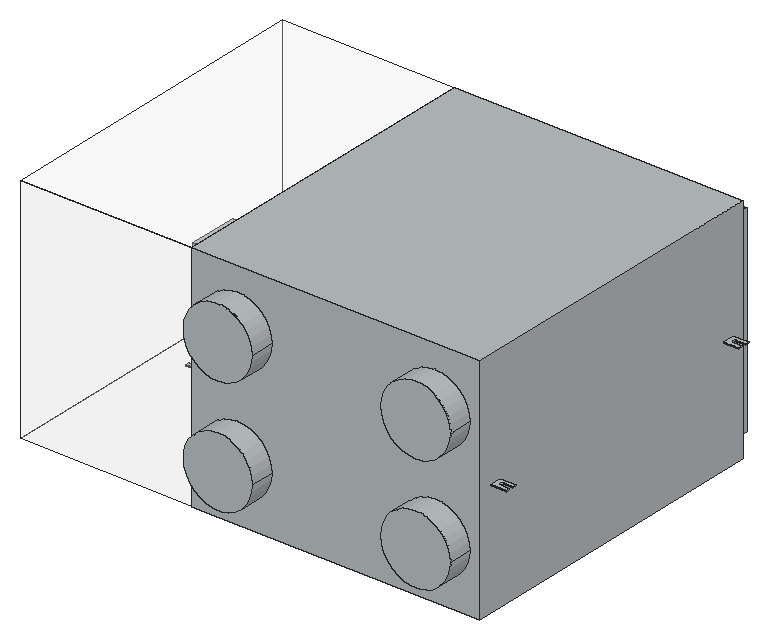
Revit family "lgh-n150_200rxvd_50Hz", category 機械設備, Revit 2019
Family settings
  丸型コネクタ寸法 = 直径を使用
  パーツ タイプ = 標準
  OmniClass 番号 = 23.75.10.34.21
  OmniClass タイトル = Heat Exchangers for Ventilation Air
  作業面ベース = いいえ
  常に垂直 = はい
  ロード時にボイドで切り取り = いいえ
  共有 = いいえ
  部屋計算ポイント = はい
Parameters (values of type "LGH-N150RXVD")
  騒音レベル(dB(A)) = 38.5
  風量 = SMAX風量  # 1500.0 m³/h
  面風速 = 8.5 m/s
  電源種別 [instance] = "一般"
  電圧 = 200 V
  電動機出力 = 0 W
  集中コントローラ = ""
  運転質量 = 0.00 kg
  連動 [instance] = ""
  質量 = if(製品質量 > 運転質量, 製品質量, 運転質量) * 1.2  # 127.20 kg
  負荷分類 = 10_ファンコイル類
  説明 = "業務用ロスナイ 天井埋込形 DCマイコン"
  設計風量 = SMAX風量  # 1500.0 m³/h
  設置方法 = "天井吊(隠ぺい)形"
  記号 [instance] = ""
  製造元 = "MITSIBISHI ELECTRIC"
  製品質量 = 106.00 kg
  製品出荷対象 = "国内"
  製品リリース年月 = "2020/7/20"
  製品グループ = ""
  系統 [instance] = ""
  符号 = "HEU"
  積算_科目 = "1 空気調和設備"
  積算_拾い区分 [instance] = ""
  相 = 1
  盤記号 [instance] = ""
  発停方法 [instance] = "別売スイッチ"
  特殊仕様 [instance] = ""
  点検口高さ = -Height  # -808 mm
  点検口離隔 = 150 mm
  点検口_Depth = 450 mm
  点検口 = yes
  火災停止 [instance] = "〇"
  温度交換効率 = 74.00%
  消費電力 = 900 W
  法定耐用年数 = "15"
  機外静圧_排気 = SMAX静圧  # 275.0 Pa
  機外静圧 = SMAX静圧  # 275.0 Pa
  極数 = 1
  材質 [instance] = ""
  本体マテリアル = 亜鉛めっき鋼板
  操作・制御方式 = ""
  操作・制御スイッチ = ""
  排気量 = SMAX風量  # 1500.0 m³/h
  形式 = "天井埋込ダクト形"
  幹線記号 [instance] = ""
  対象室 [instance] = ""
  実風量 = SMAX風量  # 1500.0 m³/h
  始動方式 [instance] = "直入"
  天吊金具_径 = 7.5 mm
  天吊金具_幅 = 30 mm
  外気量 = SMAX風量  # 1500.0 m³/h
  呼称 = "全熱交換ユニット"
  周波数 = 50 Hz
  天吊金具ピッチ2 = 1015 mm
  天吊金具ピッチ1 = 1057 mm
  天吊金具_高さ = 404 mm
  参照している仕様書等のバージョン = "公共建築物標準仕様書（機械設備工事編）平成31年度版"
  初期抵抗 = 0.0 Pa
  分類コード = "50052504100070"
  分類グループ = ""
  価格 = 990000
  企業コード = "108420"
  付属品_フィルター_還気 = ""
  付属品_フィルター = ""
  付属品 [instance] = ""
  仕様書バージョン = "Version1.0"
  モデル = "LGH-N150RXVD"
  メンテナンススペース = yes
  コメント [instance] = ""
  Keynote = ""
  エンタルピ交換効率_暖房 = 76.00%
  エンタルピ交換効率_冷房 = 66.00%
  Assembly Code = ""
  Width = 1004 mm
  Version = ""
  Uniclass2015Version = "Systems v1.9"
  Uniclass2015Title = "Thermal wheels"
  Uniclass2015Code = "Pr_60_60_36_88"
  URL = "https://www.mitsubishielectric.co.jp/ldg/wink/ssl/displayProduct.do?pid=306591&ccd=2020171025"
  SpecificationReference = ""
  SpecificationDescription = ""
  SMAX風量 = 1500.0 m³/h
  SMAX静圧 = 275.0 Pa
  SAサイズ_D = 242 mm
  Revision = ""
  RAサイズ_D = 242 mm
  ProductInformation = ""
  OmniClassCode = "23-27 23 19 11"
  OAサイズ_W = 270 mm
  OAサイズ_D = 700 mm
  MIN風量 = 660.0 m³/h
  MIN静圧 = 47.0 Pa
  MID風量 = 1080.0 m³/h
  MID静圧 = 127.0 Pa
  MAX風量 = 1500.0 m³/h
  MAX静圧 = 245.0 Pa
  IfcTypeProduct = ""
  IfcProduct = ""
  IfcExportType = "ROTARYWHEEL"
  IfcExportAs = "IfcAirToAirHeatRecoveryType"
  Height = 808 mm
  EAサイズ_W = 270 mm
  EAサイズ_D = 700 mm
  Duct_Pitch = 690 mm
  Duct_Height = 202 mm
  Duct_Depth_SA_RA = 84 mm
  Duct_Depth_OA_EA = 49 mm
  Depth = 1144 mm
  Clearance Top = Height  # 808 mm
  Clearance Left = 600 mm
  Box_Width = 175 mm
  Box_Height = 669 mm
  Box_H = 88 mm
  Box_Depth = 115 mm
  Box_W = 145 mm
  Author = "MITSUBISHI ELECTRIC"
Types (2, lengths in mm): name | 騒音レベル(dB(A)) | 風量 | 面風速 | 質量 | 設計風量 | 製品質量 | 温度交換効率 | 消費電力 | 機外静圧_排気 | 機外静圧 | 極数 | 排気量 | 実風量 | 外気量 | 天吊金具ピッチ1 | 価格 | モデル | エンタルピ交換効率_暖房 | エンタルピ交換効率_冷房 | Width | URL | SMAX風量 | SMAX静圧 | MIN風量 | MIN静圧 | MID風量 | MID静圧 | MAX風量 | MAX静圧 | Duct_Pitch
  LGH-N150RXVD | 38.5 | 1500.0 m³/h | 8.5 m/s | 127.20 kg | 1500.0 m³/h | 106.00 kg | 74.00% | 900 W | 275.0 Pa | 275.0 Pa | 1 | 1500.0 m³/h | 1500.0 m³/h | 1500.0 m³/h | 1057 | 990000 | "LGH-N150RXVD" | 76.00% | 66.00% | 1004 | "https://www.mitsubishielectric.co.jp/ldg/wink/ssl/displayProduct.do?pid=306591&ccd=2020171025" | 1500.0 m³/h | 275.0 Pa | 660.0 m³/h | 47.0 Pa | 1080.0 m³/h | 127.0 Pa | 1500.0 m³/h | 245.0 Pa | 690
  LGH-N200RXVD | 41 | 2000.0 m³/h | 11.3 m/s | 139.20 kg | 2000.0 m³/h | 116.00 kg | 73.00% | 1160 W | 225.0 Pa | 225.0 Pa | 2 | 2000.0 m³/h | 2000.0 m³/h | 2000.0 m³/h | 1284 | 1128000 | "LGH-N200RXVD" | 75.00% | 65.00% | 1231 | "https://www.mitsubishielectric.co.jp/ldg/wink/ssl/displayProduct.do?pid=306593&ccd=2020171025" | 2000.0 m³/h | 225.0 Pa | 880.0 m³/h | 32.0 Pa | 1440.0 m³/h | 86.0 Pa | 2000.0 m³/h | 165.0 Pa | 917
Reference planes
  plane 1 "中心(正面/背面)": y = 0
  plane 2: z = 0
  plane 3 "中心(左/右)": x = 0
  plane 4: x = -502
  plane 5: x = 502
  plane 6: y = 572
  plane 7: y = -572
  plane 8: z = -808
  plane 9: z = -202
  plane 10: x = -345
  plane 11: x = 345
  plane 12: y = -656
  plane 13: y = 621
  plane 14: x = -586
  plane 15: x = 586
  plane 16: x = -1102
  plane 17: y = -427
  plane 18: y = -252
  plane 19: z = -88
  plane 20: z = -757
  plane 21: x = -617
  plane 22: x = -652
  plane 23: y = 225
  plane 24: x = -528.5
  plane 25: x = 528.5
  plane 26: y = 507.5
  plane 27: y = -507.5
  plane 28: y = -225
  plane 29: x = -558.5
  plane 30: y = 527.5
  plane 31: y = 487.5
  plane 32: y = -487.5
  plane 33: y = -527.5
  plane 34: z = -5
  plane 35: z = -404
  plane 36: z = -407
  plane 37: x = 558.5
  plane 38: z = -404
  plane 39: x = 480
  plane 40: x = 210
  plane 41: x = -480
  plane 42: x = -210
  plane 43: z = -54
  plane 44: z = -754
  plane 45: z = -54
  plane 46: z = -754
  plane 47: z = -606
Forms (mm)
  Extrusion 1, solid, material "亜鉛めっき鋼板" <- "本体マテリアル", detail levels fine
    sketch origin (0, 0, 0) x (1, 0, 0) y (0, 1, 0)
      loop
        line (-502, 572) -> (-502, -572) -> (502, -572) -> (502, 572) -> (-502, 572)
    from 0 to -808
  Extrusion 2, solid, material "亜鉛めっき鋼板" <- "本体マテリアル", detail levels fine
    sketch origin (502, -572, 0) x (-1, 0, 0) y (0, 0, -1)
      loop
        circle (847, 202) r 121
    from 0 to 84
  Extrusion 3, solid, material "亜鉛めっき鋼板" <- "本体マテリアル", detail levels fine
    sketch origin (510, -445, 0) x (-1, 0, 0) y (0, 0, -1)
      loop
        circle (165, 202) r 121
    from 127 to 211
  Extrusion 4, solid, material "亜鉛めっき鋼板" <- "本体マテリアル", detail levels fine
    sketch origin (-502, -572, 0) x (0, 1, 0) y (0, 0, -1)
      loop
        line (320, 88) -> (320, 757) -> (145, 757) -> (145, 88) -> (320, 88)
    from 0 to 115
  Extrusion 5, solid, material "亜鉛めっき鋼板" <- "本体マテリアル", detail levels fine
    sketch origin (0, 0, 0) x (1, 0, 0) y (0, 1, 0)
      loop
        line (-558.5, 527.5) -> (-558.5, 515) -> (-528.5, 515)
        arc (-528.5, 515) -> (-521, 507.5) -> (-528.5, 500) r 7.5
        line (-528.5, 500) -> (-558.5, 500) -> (-558.5, 487.5) -> (-502, 487.5) -> (-502, 527.5) -> (-558.5, 527.5)
    from -404 to -407
  Extrusion 6, solid, material "亜鉛めっき鋼板" <- "本体マテリアル", detail levels fine
    sketch origin (0, 0, 0) x (1, 0, 0) y (0, 1, 0)
      loop
        line (-558.5, -527.5) -> (-502, -527.5) -> (-502, -487.5) -> (-558.5, -487.5) -> (-558.5, -500) -> (-528.5, -500)
        arc (-528.5, -500) -> (-521, -507.5) -> (-528.5, -515) r 7.5
        line (-528.5, -515) -> (-558.5, -515) -> (-558.5, -527.5)
    from -404 to -407
  Extrusion 7, solid, material "亜鉛めっき鋼板" <- "本体マテリアル", detail levels fine
    sketch origin (0, 0, 0) x (-1, 0, 0) y (0, -1, 0)
      loop
        line (-558.5, 527.5) -> (-558.5, 515) -> (-528.5, 515)
        arc (-528.5, 515) -> (-521, 507.5) -> (-528.5, 500) r 7.5
        line (-528.5, 500) -> (-558.5, 500) -> (-558.5, 487.5) -> (-502, 487.5) -> (-502, 527.5) -> (-558.5, 527.5)
    from -404 to -407
  Extrusion 8, solid, material "亜鉛めっき鋼板" <- "本体マテリアル", detail levels fine
    sketch origin (0, 0, 0) x (-1, 0, 0) y (0, -1, 0)
      loop
        line (-558.5, -527.5) -> (-502, -527.5) -> (-502, -487.5) -> (-558.5, -487.5) -> (-558.5, -500) -> (-528.5, -500)
        arc (-528.5, -500) -> (-521, -507.5) -> (-528.5, -515) r 7.5
        line (-528.5, -515) -> (-558.5, -515) -> (-558.5, -527.5)
    from -404 to -407
  Extrusion 9, solid, material "亜鉛めっき鋼板" <- "本体マテリアル", detail levels fine
    sketch origin (0, 0, 0) x (1, 0, 0) y (0, 0, 1)
      loop
        circle (-345, -606) r 121
    from 572 to 656
  Extrusion 10, solid, material "亜鉛めっき鋼板" <- "本体マテリアル", detail levels fine
    sketch origin (0, 0, 0) x (1, 0, 0) y (0, 0, 1)
      loop
        circle (345, -606) r 121
    from 572 to 656
  Extrusion 11, solid, material "亜鉛めっき鋼板" <- "本体マテリアル", detail levels fine
    sketch origin (0, 0, 0) x (1, 0, 0) y (0, 0, 1)
      loop
        line (480, -754) -> (480, -54) -> (210, -54) -> (210, -754) -> (480, -754)
    from -621 to -572
  Extrusion 12, solid, material "亜鉛めっき鋼板" <- "本体マテリアル", detail levels fine
    sketch origin (0, 0, 0) x (1, 0, 0) y (0, 0, 1)
      loop
        line (-480, -754) -> (-210, -754) -> (-210, -54) -> (-480, -54) -> (-480, -754)
    from -621 to -572
Lines and regions (mm)
  Masking region 1, detail levels coarse+medium
    outline origin (1326.5, 29, 0) x (1, 0, 0) y (0, 1, 0)
      loop
        line (-1828.5, 543) -> (-1828.5, -601) -> (-824.5, -601) -> (-824.5, 543) -> (-1828.5, 543)
  symbolic lines, detail levels coarse+medium
    curve 1: line (0, 572, 0) -> (-502, 0, 0)
    curve 2: line (-502, 0, 0) -> (0, -572, 0)
    curve 3: line (0, -572, 0) -> (502, 0, 0)
    curve 4: line (502, 0, 0) -> (0, 572, 0)
Dimensions and locks
  equal spacing: plane 4, plane 3 "中心(左/右)", plane 5
  "Width": plane 4 to plane 5
  equal spacing: plane 6, plane 1 "中心(正面/背面)", plane 7
  "Depth": plane 6 to plane 7
  "Height": level to plane 8
  "Duct_Height": level to plane 9
  equal spacing: plane 11, plane 3 "中心(左/右)", plane 10
  "Duct_Pitch": plane 11 to plane 10
  "Duct_Depth_OA_EA": plane 13 to plane 6
  "Duct_Depth_SA_RA": plane 7 to plane 12
  "Duct_Depth_SA_RA": plane 5 to plane 15
  "Duct_Depth_SA_RA": plane 14 to plane 4
  "Clearance Left": plane 16 to plane 4
  "Clearance Top": nested 1 to plane 8
  "Box_H": level to plane 19
  "Box_Height": plane 19 to plane 20
  "Box_W": plane 17 to plane 7
  "Box_Width": plane 18 to plane 17
  "Box_Depth": plane 21 to plane 4
  "点検口離隔": plane 22 to plane 4
  equal spacing: plane 24, plane 3 "中心(左/右)", plane 25
  "天吊金具ピッチ1": plane 24 to plane 25
  equal spacing: plane 26, plane 1 "中心(正面/背面)", plane 27
  "天吊金具ピッチ2": plane 26 to plane 27
  equal spacing: plane 23, plane 1 "中心(正面/背面)", plane 28
  "点検口_Depth": plane 23 to plane 28
  equal spacing: plane 30, plane 26, plane 31
  locked: plane 30 to plane 31 at 40
  "天吊金具_幅": plane 29 to plane 24
  "天吊金具_高さ": level to plane 35
  locked: plane 35 to plane 36 at 3
  equal spacing: plane 32, plane 27, plane 33
  locked: plane 32 to plane 33 at 40
  "天吊金具_幅": plane 25 to plane 37
  equal spacing: plane 8, plane 38, level
  equal spacing: plane 40, plane 11, plane 39
  "EAサイズ_W": plane 40 to plane 39
  equal spacing: plane 42, plane 10, plane 41
  "OAサイズ_W": plane 42 to plane 41
  equal spacing: plane 44, plane 38, plane 43
  "EAサイズ_D": plane 44 to plane 43
  "OAサイズ_D": plane 46 to plane 45
  equal spacing: plane 46, plane 38, plane 45
  "Duct_Height": plane 38 to plane 47
  "RAサイズ_D": diameter of Extrusion 3 sketch curve
  "天吊金具_径": radius of Extrusion 5 sketch curve
  "天吊金具_径": radius of Extrusion 6 sketch curve
  "天吊金具_径": radius of Extrusion 7 sketch curve
  "天吊金具_径": radius of Extrusion 8 sketch curve
  "SAサイズ_D": diameter of Extrusion 9 sketch curve
  "RAサイズ_D": diameter of Extrusion 10 sketch curve
  "SAサイズ_D": diameter of Extrusion 2 sketch curve
  aligned and locked: level to plane 2
  aligned and locked: Extrusion 1 to plane 8
  aligned and locked: Extrusion 2 to plane 12
  aligned and locked: plane 7 to Extrusion 2
  aligned and locked: plane 7 to Extrusion 3
  aligned and locked: Extrusion 3 to plane 12
  aligned and locked: plane 16 to nested 1
  aligned and locked: plane 4 to nested 1
  aligned and locked: nested 1 to plane 6
  aligned and locked: nested 1 to plane 7
  aligned and locked: plane 2 to nested 1
  aligned and locked: plane 8 to nested 1
  aligned and locked: Extrusion 4 to plane 21
  aligned and locked: plane 4 to Extrusion 4
  aligned and locked: Masking region 1 to plane 4
  aligned and locked: plane 5 to Masking region 1
  aligned and locked: plane 6 to Masking region 1
  aligned and locked: Masking region 1 to plane 7
  aligned and locked: plane 25 to nested 2
  aligned and locked: plane 24 to nested 2
  aligned and locked: nested 2 to plane 27
  aligned and locked: plane 26 to nested 2
  aligned and locked: Extrusion 4 to plane 18
  aligned and locked: Extrusion 4 to plane 20
  aligned and locked: plane 19 to Extrusion 4
  aligned and locked: Extrusion 4 to plane 17
  aligned and locked: plane 22 to nested 3
  aligned and locked: plane 16 to nested 3
  aligned and locked: plane 23 to nested 3
  aligned and locked: nested 3 to plane 28
  aligned and locked: plane 29 to Extrusion 5 sketch curve  (x2)
  aligned and locked: Extrusion 5 sketch curve to plane 4
  aligned and locked: plane 31 to Extrusion 5 sketch curve
  aligned and locked: Extrusion 5 sketch curve to plane 30
  aligned and locked: Extrusion 5 to plane 35
  aligned and locked: Extrusion 5 to plane 36
  aligned and locked: Extrusion 6 sketch curve to plane 29  (x2)
  aligned and locked: plane 32 to Extrusion 6 sketch curve
  aligned and locked: Extrusion 6 sketch curve to plane 33
  aligned and locked: plane 4 to Extrusion 6 sketch curve
  aligned and locked: plane 35 to Extrusion 6
  aligned and locked: Extrusion 6 to plane 36
  aligned and locked: plane 37 to Extrusion 7 sketch curve  (x2)
  aligned and locked: Extrusion 7 sketch curve to plane 32
  aligned and locked: plane 33 to Extrusion 7 sketch curve
  aligned and locked: plane 5 to Extrusion 7 sketch curve
  aligned and locked: Extrusion 7 to plane 36
  aligned and locked: plane 35 to Extrusion 7
  aligned and locked: Extrusion 8 sketch curve to plane 37  (x2)
  aligned and locked: Extrusion 8 sketch curve to plane 31
  aligned and locked: plane 30 to Extrusion 8 sketch curve
  aligned and locked: Extrusion 8 sketch curve to plane 5
  aligned and locked: plane 35 to Extrusion 8
  aligned and locked: Extrusion 8 to plane 36
  aligned and locked: Extrusion 9 to plane 12
  aligned and locked: plane 7 to Extrusion 9
  aligned and locked: Extrusion 10 to plane 12
  aligned and locked: plane 7 to Extrusion 10
  aligned and locked: plane 44 to Extrusion 11 sketch curve
  aligned and locked: plane 39 to Extrusion 11 sketch curve
  aligned and locked: Extrusion 11 sketch curve to plane 43
  aligned and locked: Extrusion 11 sketch curve to plane 40
  aligned and locked: Extrusion 12 sketch curve to plane 46
  aligned and locked: Extrusion 12 sketch curve to plane 41
  aligned and locked: plane 45 to Extrusion 12 sketch curve
  aligned and locked: plane 42 to Extrusion 12 sketch curve
  aligned and locked: plane 13 to Extrusion 12
  aligned and locked: Extrusion 12 to plane 6
  aligned and locked: plane 13 to Extrusion 11
  aligned and locked: Extrusion 11 to plane 6
Automatic sketch dimensions
  plane 1 "中心(正面/背面)" to curve 1 = 0 mm
  curve 1 to plane 4 = 0 mm
  curve 2 to plane 3 "中心(左/右)" = 0 mm
  curve 4 to plane 3 "中心(左/右)" = 0 mm
  plane 1 "中心(正面/背面)" to curve 4 = 0 mm
  curve 4 to plane 5 = 0 mm
  curve 2 to plane 7 = 0 mm
  curve 4 to plane 6 = 0 mm
  Extrusion 1 sketch curve to plane 4 = 0 mm
  Extrusion 1 sketch curve to plane 5 = 0 mm
  Extrusion 1 sketch curve to plane 7 = 0 mm
  Extrusion 1 sketch curve to plane 6 = 0 mm
  Extrusion 3 sketch curve to plane 9 = 0 mm
  Extrusion 3 sketch curve to plane 11 = 0 mm
  Extrusion 4 sketch curve to Extrusion 1 = 145 mm
  Extrusion 1 to Extrusion 4 sketch curve = 51 mm
  Extrusion 4 sketch curve to Extrusion 4 sketch curve = 175 mm
  Extrusion 1 to Extrusion 4 sketch curve = 88 mm
  Masking region 1 sketch curve to plane 4 = 0 mm
  Masking region 1 sketch curve to plane 5 = 0 mm
  Masking region 1 sketch curve to plane 7 = 0 mm
  Masking region 1 sketch curve to plane 6 = 0 mm
  Extrusion 9 sketch curve to plane 10 = 0 mm
  Extrusion 9 sketch curve to plane 47 = 0 mm
  Extrusion 10 sketch curve to plane 11 = 0 mm
  Extrusion 10 sketch curve to plane 47 = 0 mm
  Extrusion 1 to Extrusion 2 sketch curve = 157 mm
  Extrusion 1 to Extrusion 2 sketch curve = 202 mm
  Extrusion 5 sketch curve to plane 24 = 0 mm
  Extrusion 5 sketch curve to plane 26 = 0 mm
  Extrusion 6 sketch curve to plane 24 = 0 mm
  Extrusion 6 sketch curve to plane 27 = 0 mm
  Extrusion 7 sketch curve to plane 25 = 0 mm
  Extrusion 7 sketch curve to plane 27 = 0 mm
  Extrusion 8 sketch curve to plane 25 = 0 mm
  Extrusion 8 sketch curve to plane 26 = 0 mm
Nested families
  nested 1: "メンテナンススペース" at (-802, 0, -404), visible <- "メンテナンススペース", type "メンテナンススペース"
    with Width 600 mm, Height 808 mm, Depth 1144 mm
  nested 2: "固定点" at (-528.5, -507.5, 0), type "固定点"
    with W 1057 mm, D 1015 mm
  nested 3: "点検口設置範囲" at (-877, 0, -808), built-in parameter 1001364 <- "点検口高さ", visible <- "点検口", type "点検口設置範囲"
    with Width 450 mm, Depth 450 mm
Connectors
  hvac at (-345, -656, -202), driven by "SAサイズ_D", driven by "機外静圧", driven by "風量"
    settings: on Extrusion 2, index 1, duct flow 1500.0 m³/h, flow factor 0, pres drop 275.0 Pa, loss coef 0, conn angle 0.00°, conn width 304.8 mm, conn height 304.8 mm, conn diameter 242 mm, duct sys type 1, conn prof type 0, flow config 0, flow direction 2, loss method 4, conn ref index -1, conn util no, is conn primary yes, conn desc ""
  hvac at (345, -656, -202), driven by "RAサイズ_D", driven by "機外静圧", driven by "風量"
    settings: on Extrusion 3, index 2, duct flow 1500.0 m³/h, flow factor 0, pres drop 275.0 Pa, loss coef 0, conn angle 0.00°, conn width 304.8 mm, conn height 304.8 mm, conn diameter 242 mm, duct sys type 2, conn prof type 0, flow config 0, flow direction 1, loss method 4, conn ref index -1, conn util no, is conn primary no, conn desc ""
  electrical at (-559.5, -427, -422.5), driven by "負荷分類", driven by "極数", driven by "電圧", driven by "消費電力"
    settings: on Extrusion 4, index 7, voltage 200 V, apparent load 900 VA, apparent load phase1 0 VA, apparent load phase2 0 VA, apparent load phase3 0 VA, power factor 1, load classification "10_ファンコイル類", number of poles 1, system type 30, power factor state 1, is connector primary yes, connector utility no, sub classification motor no, connector description ""
  hvac at (-345, -656, -606), driven by "SAサイズ_D", driven by "機外静圧", driven by "風量"
    settings: on Extrusion 9, index 8, duct flow 1500.0 m³/h, flow factor 0, pres drop 275.0 Pa, loss coef 0, conn angle 0.00°, conn width 304.8 mm, conn height 304.8 mm, conn diameter 242 mm, duct sys type 1, conn prof type 0, flow config 0, flow direction 2, loss method 4, conn ref index -1, conn util no, is conn primary no, conn desc ""
  hvac at (345, -656, -606), driven by "RAサイズ_D", driven by "機外静圧", driven by "風量"
    settings: on Extrusion 10, index 9, duct flow 1500.0 m³/h, flow factor 0, pres drop 275.0 Pa, loss coef 0, conn angle 0.00°, conn width 304.8 mm, conn height 304.8 mm, conn diameter 242 mm, duct sys type 2, conn prof type 0, flow config 0, flow direction 1, loss method 4, conn ref index -1, conn util no, is conn primary no, conn desc ""
  hvac at (345, 621, -404), driven by "EAサイズ_D", driven by "EAサイズ_W", driven by "機外静圧_排気", driven by "排気量"
    settings: on Extrusion 11, index 10, duct flow 1500.0 m³/h, flow factor 0, pres drop 275.0 Pa, loss coef 0, conn angle 0.00°, conn width 270 mm, conn height 700 mm, conn diameter 609.6 mm, duct sys type 3, conn prof type 1, flow config 0, flow direction 2, loss method 4, conn ref index -1, conn util no, is conn primary no, conn desc ""
  hvac at (-345, 621, -404), driven by "OAサイズ_W", driven by "OAサイズ_D", driven by "機外静圧", driven by "風量"
    settings: on Extrusion 12, index 11, duct flow 1500.0 m³/h, flow factor 0, pres drop 275.0 Pa, loss coef 0, conn angle 0.00°, conn width 270 mm, conn height 700 mm, conn diameter 609.6 mm, duct sys type 4, conn prof type 1, flow config 0, flow direction 1, loss method 4, conn ref index -1, conn util no, is conn primary no, conn desc ""
Definition of nested family "メンテナンススペース"
  Parameters (values of type "メンテナンススペース")
    Width [instance] = 500 mm
    Height [instance] = 500 mm
    Depth [instance] = 500 mm
  Reference planes
    plane 1 "中心(正面/背面)": y = 0
    plane 2: z = 0
    plane 3 "中心(左/右)": x = 0
    plane 4: y = -250
    plane 5: x = 250
    plane 6: y = 250
    plane 7: x = -250
    plane 8: z = 250
    plane 9: z = -250
  Forms (mm)
    Extrusion 1, solid
      sketch origin (-638.939, 0, 72.39) x (1, 0, 0) y (0, 1, 0)
        loop
          line (388.939, 250) -> (388.939, -250) -> (888.939, -250) -> (888.939, 250) -> (388.939, 250)
      from -322.39 to 177.61
  Lines and regions (mm)
    symbolic lines
      curve 1: line (-250, 0, 250) -> (250, 0, 250)
      curve 2: line (-250, 0, -250) -> (-250, 0, 250)
      curve 3: line (250, 0, -250) -> (-250, 0, -250)
      curve 4: line (250, 0, 250) -> (250, 0, -250)
      curve 5: line (0, -250, 250) -> (0, 250, 250)
      curve 6: line (0, -250, -250) -> (0, -250, 250)
      curve 7: line (0, 250, -250) -> (0, -250, -250)
      curve 8: line (0, 250, 250) -> (0, 250, -250)
      curve 9: line (-250, 250, 0) -> (250, 250, 0)
      curve 10: line (-250, -250, 0) -> (-250, 250, 0)
      curve 11: line (250, -250, 0) -> (-250, -250, 0)
      curve 12: line (250, 250, 0) -> (250, -250, 0)
  Dimensions and locks
    equal spacing: plane 7, plane 3 "中心(左/右)", plane 5
    equal spacing: plane 4, plane 1 "中心(正面/背面)", plane 6
    "Depth": plane 4 to plane 6
    "Width": plane 7 to plane 5
    equal spacing: plane 8, plane 2, plane 9
    "Height": plane 8 to plane 9
    aligned and locked: plane 9 to curve 3
    aligned and locked: plane 7 to curve 2
    aligned and locked: curve 4 to plane 5
    aligned and locked: plane 5 to Extrusion 1
    aligned and locked: Extrusion 1 to plane 7
    aligned and locked: Extrusion 1 to plane 9
    aligned and locked: plane 8 to Extrusion 1
    aligned and locked: plane 9 to curve 7
  Automatic sketch dimensions
    plane 4 to Extrusion 1 sketch curve = 0 mm
    Extrusion 1 sketch curve to plane 7 = 0 mm
    Extrusion 1 sketch curve to plane 5 = 0 mm
    plane 6 to Extrusion 1 sketch curve = 0 mm
    curve 2 to plane 8 = 0 mm
    plane 4 to curve 11 = 0 mm
    curve 11 to plane 7 = 0 mm
    curve 11 to plane 5 = 0 mm
    plane 6 to curve 10 = 0 mm
    curve 7 to plane 4 = 0 mm
    curve 7 to plane 6 = 0 mm
    curve 6 to plane 8 = 0 mm
Definition of nested family "固定点"
  Parameters (values of type "固定点")
    中心円 = 20 mm
    W [instance] = 1000 mm
    D [instance] = 1000 mm
  Reference planes
    plane 1 "中心(正面/背面)": y = 0
    plane 2: z = 0
    plane 3 "中心(左/右)": x = 0
    plane 4: x = 1000
    plane 5: y = 1000
  Lines and regions (mm)
    symbolic lines, detail levels fine
      curve 1: circle (0, 1000, 0) r 10 normal (0, 0, 1)
      curve 2: circle (0, 0, 0) r 10 normal (0, 0, 1)
      curve 3: circle (1000, 1000, 0) r 10 normal (0, 0, 1)
      curve 4: circle (1000, 0, 0) r 10 normal (0, 0, 1)
      curve 5: line (-200, 1000, 0) -> (1200, 1000, 0)
      curve 6: line (-200, 0, 0) -> (1200, 0, 0)
      curve 7: line (0, 1200, 0) -> (0, -200, 0)
      curve 8: line (1000, 1200, 0) -> (1000, -200, 0)
  Dimensions and locks
    "W": plane 3 "中心(左/右)" to plane 4
    "D": plane 1 "中心(正面/背面)" to plane 5
    "中心円": diameter of curve 1
    "中心円": diameter of curve 2
    "中心円": diameter of curve 3
    "中心円": diameter of curve 4
    aligned and locked: level to plane 2
    aligned and locked: plane 5 to curve 1
    aligned and locked: plane 3 "中心(左/右)" to curve 1
    aligned and locked: plane 3 "中心(左/右)" to curve 2
    aligned and locked: plane 1 "中心(正面/背面)" to curve 2
    aligned and locked: plane 4 to curve 3
    aligned and locked: plane 5 to curve 3
    aligned and locked: plane 1 "中心(正面/背面)" to curve 4
    aligned and locked: plane 4 to curve 4
    aligned and locked: plane 1 "中心(正面/背面)" to curve 6
    aligned and locked: curve 7 to plane 3 "中心(左/右)"
    aligned and locked: curve 8 to plane 4
  Automatic sketch dimensions
    curve 5 to plane 5 = 0 mm
    curve 6 to plane 3 "中心(左/右)" = 200 mm
    curve 5 to plane 3 "中心(左/右)" = 200 mm
    curve 4 to curve 6 = 200 mm
    curve 3 to curve 5 = 200 mm
    plane 1 "中心(正面/背面)" to curve 8 = 200 mm
    plane 1 "中心(正面/背面)" to curve 7 = 200 mm
    curve 3 to curve 8 = 200 mm
    curve 1 to curve 7 = 200 mm
Definition of nested family "点検口設置範囲"
  Parameters (values of type "点検口設置範囲")
    Width [instance] = 1000 mm
    Depth [instance] = 700 mm
  Reference planes
    plane 1 "中心(正面/背面)": y = 0
    plane 2: z = 0
    plane 3 "中心(左/右)": x = 0
    plane 4: x = -500
    plane 5: x = 500
    plane 6: y = -350
    plane 7: y = 350
  Lines and regions (mm)
    model lines
      curve 1: line (-500, 350, 0) -> (500, 350, 0)
      curve 2: line (-500, -350, 0) -> (-500, 350, 0)
      curve 3: line (500, -350, 0) -> (-500, -350, 0)
      curve 4: line (500, 350, 0) -> (500, -350, 0)
  Dimensions and locks
    "Depth": plane 7 to plane 6
    "Width": plane 4 to plane 5
    equal spacing: plane 7, plane 1 "中心(正面/背面)", plane 6
    equal spacing: plane 4, plane 3 "中心(左/右)", plane 5
    aligned and locked: level to plane 2
    aligned and locked: plane 4 to curve 2
    aligned and locked: curve 1 to plane 7
    aligned and locked: curve 4 to plane 5
    aligned and locked: plane 6 to curve 3
